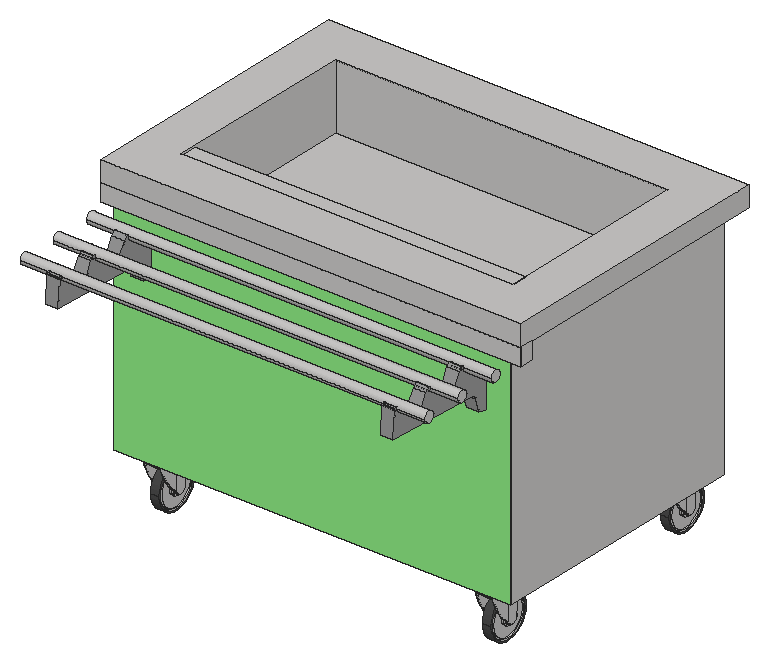
Revit family "QF_BOURGEAT_Self_Bain_marie_air_3GN", category Equipement spécialisé, Revit 2015
Parameters (values of type "3GN_baie_libre+roues+etageres")
  URL catalogue = "http://www.bourgeat.fr/fr/"
  URL = ""
  Type de Raccord Electrique = ""
  Type article = ""
  Tension = 230 V
  Spécification du Fabricant = "Bain-marie Oasis"
  Roues = yes
  Remarques Electricité = ""
  Puissance électrique  = 1700 W
  Profondeur hors tout = 820 mm
  Poids net à vide = 150.00 kg
  Pieds = no
  lgmeuble = Longueur hors tout - 68 mm  # 1141 mm
  lgconsole = Longueur hors tout - 44 mm  # 1165 mm
  lg_presentoir = lgmeuble - 44 mm  # 1097 mm
  lg_porte = (lg_etagere / 2) + 10 mm  # 378.5 mm
  lg_etagere = lgmeuble - 404 mm  # 737 mm
  Reserves = no
  Presentoir = no
  Phase = 2
  Nature isolant = "Laine de verre"
  Modèle = "851013+854950+854933"
  Longueur hors tout = 1209 mm
  Intensité nominale = 7.3913 A
  Indice de protection = "21"
  Hauteur hors tout = 900 mm
  Fréquence = 50 Hz
  Fabricant = "BOURGEAT"
  Etageres = yes
  Cuve à eau = no
  Cuve à air = yes
  Contact SAV = "0033 (0)4.76.32.14.44"
  Charge max = 200.00 kg
  Certification = "NF alimentaire"
Types (18, lengths in mm): name | Roues | Puissance électrique  | Poids net à vide | Pieds | Reserves | Presentoir | Modèle | Intensité nominale | Hauteur hors tout | Etageres
  3GN_baie_libre | no | 1700 W | 150.00 kg | yes | no | no | "851013" | 7.3913 A | 900 | no
  3GN_reserve | no | 2600 W | 150.00 kg | yes | yes | no | "851213" | 11.3043 A | 900 | no
  3GN_baie_libre+roues | yes | 1700 W | 150.00 kg | no | no | no | "851013+854950" | 7.3913 A | 900 | no
  3GN_baie_libre+presentoir_neutre | no | 1700 W | 150.00 kg | yes | no | yes | "851013+851313" | 7.3913 A | 1330 | no
  3GN_baie_libre+presentoir_chauffant | no | 2180 W | 165.00 kg | yes | no | yes | "851013+851303" | 9.47826 A | 1330 | no
  3GN_baie_libre+etageres | no | 1700 W | 150.00 kg | yes | no | no | "851013+854933" | 7.3913 A | 900 | yes
  3GN_baie_libre+roues+etageres | yes | 1700 W | 150.00 kg | no | no | no | "851013+854950+854933" | 7.3913 A | 900 | yes
  3GN_baie_libre+roues+presentoir_neutre | yes | 1700 W | 165.00 kg | no | no | yes | "851013+854950+851313" | 7.3913 A | 1330 | no
  3GN_baie_libre+roues+presentoir_chauffant | yes | 2180 W | 165.00 kg | no | no | yes | "851013+854950+851303" | 9.47826 A | 1330 | no
  3GN_baie_libre+etageres+presentoir_neutre | no | 1700 W | 170.00 kg | yes | no | yes | "851013+854933+851313" | 7.3913 A | 1330 | yes
  3GN_baie_libre+etageres+presentoir_chauffant | no | 2180 W | 170.00 kg | yes | no | yes | "851013+854933+851303" | 9.47826 A | 1330 | yes
  3GN_baie_libre+roues+presentoir_neutre+etageres | yes | 1700 W | 165.00 kg | no | no | yes | "851013+854950+851313+854933" | 7.3913 A | 1330 | yes
  3GN_baie_libre+roues+presentoir_chauffant_etageres | yes | 2180 W | 165.00 kg | no | no | yes | "851013+854950+851303+854933" | 9.47826 A | 1330 | yes
  3GN_reserve+roues | yes | 2600 W | 150.00 kg | no | yes | no | "851213+854950" | 11.3043 A | 900 | no
  3GN_reserve+presentoir_neutre | no | 2600 W | 165.00 kg | yes | yes | yes | "851213+851313" | 11.3043 A | 1330 | no
  3GN_reserve+presentoir_chauffant | no | 3080 W | 165.00 kg | yes | yes | yes | "851213+851303" | 13.3913 A | 1330 | no
  3GN_reserve+roues+presentoir_neutre | yes | 2600 W | 165.00 kg | no | yes | yes | "851213+854950+851313" | 11.3043 A | 1330 | no
  3GN_reserve+roues+presentoir_chauffant | yes | 3080 W | 165.00 kg | no | yes | yes | "851213+854950+851303" | 13.3913 A | 1330 | no
Reference planes
  plane 1 "Centre (avant/arrière)": y = 0
  plane 2: z = 0
  plane 3 "Centre (gauche/droite)": x = 0
  plane 4: z = 235
  plane 5: z = 465
  plane 6: y = 820
  plane 7: z = 284
  plane 8: z = 640
  plane 9: y = 598
  plane 10: x = -1071
  plane 11: z = 765
  plane 12: x = -1050
  plane 13: x = -100
Forms (mm)
  Extrusion 1, solid
    sketch origin (1010, 0, 0) x (1, 0, 0) y (0, 1, 0)
      loop
        circle (-2081, 598) r 10
    from 147.743 to 160
Dimensions and locks
  locked: nested 2 to plane 2 at 905
  locked: plane 4 to plane 2 at 235
  locked: plane 6 to nested 1 at 47
  locked: plane 7 to plane 2 at 284
  nested 1 to plane 2 = 160 mm
  locked: plane 8 to plane 2 at 640
  locked: nested 1 to plane 10 at 69
  locked: nested 1 to plane 9 at 175
  locked: nested 11 to plane 11 at 135
  locked: nested 1 to plane 12 at 90
  nested 1 to plane 13 = 101 mm
  locked: nested 13 to nested 22 at 15
  aligned and locked: level to plane 2
  aligned and locked: plane 4 to nested 8
  aligned and locked: nested 9 to plane 5
  aligned and locked: nested 7 to nested 8
  aligned and locked: nested 9 to nested 1  (x2)
  aligned and locked: nested 7 to nested 1
  aligned and locked: nested 8 to nested 1  (x2)
  aligned and locked: nested 11 to plane 6
  aligned and locked: nested 10 to plane 6
  aligned and locked: nested 10 to nested 1  (x2)
  aligned and locked: nested 11 to nested 10
  aligned and locked: plane 1 "Centre (avant/arrière)" to nested 11  (x2)
  aligned and locked: nested 1 to nested 2
  aligned and locked: nested 2 to nested 11
  aligned and locked: nested 11 to nested 1
  aligned and locked: nested 4 to nested 11
  aligned and locked: nested 12 to nested 1
  aligned and locked: nested 12 to nested 9
  aligned and locked: nested 12 to nested 13
  aligned and locked: plane 2 to nested 4
  aligned and locked: nested 5 to plane 2
  aligned and locked: nested 6 to plane 2
  aligned and locked: nested 11 to nested 5
  aligned and locked: nested 11 to nested 6
  aligned and locked: nested 11 to nested 2
  aligned and locked: nested 1 to nested 14  (x2)
  aligned and locked: nested 14 to nested 1
  aligned and locked: nested 11 to nested 15
  aligned and locked: nested 3 to nested 11
  aligned and locked: nested 16 to nested 14  (x2)
  aligned and locked: nested 1 to nested 16
  aligned and locked: nested 15 to plane 7
  aligned and locked: nested 3 to nested 17  (x2)
  aligned and locked: nested 4 to nested 18  (x2)
  aligned and locked: nested 6 to nested 19  (x2)
  aligned and locked: nested 5 to nested 20  (x2)
  aligned and locked: plane 8 to nested 7
  aligned and locked: plane 10 to Extrusion 1 sketch curve
  aligned and locked: plane 9 to Extrusion 1 sketch curve
  aligned and locked: Extrusion 1 to nested 1
  aligned and locked: nested 1 to nested 21
  aligned and locked: nested 1 to nested 22
  aligned and locked: plane 11 to nested 21
  aligned and locked: nested 21 to plane 12
  aligned and locked: nested 13 to nested 1
  aligned and locked: nested 22 to plane 11
  aligned and locked: nested 22 to plane 13
Nested families
  nested 1: "corps_meuble" at (1, 8, 160), type "corps_meuble"
  nested 2: "presentoir" at (-569.5, 410, 551.997) x (0, 1, 0) z (0, 0, 1), visible <- "Presentoir", type "presentoir"
    with lg_presentoir 1097 mm
  nested 3: "pied" at (-1047, 720, 0), visible <- "Pieds", type "pied"
  nested 4: "pied" at (-1047, 58.814, 0), visible <- "Pieds", type "pied"
  nested 5: "pied" at (-92, 700, 0), visible <- "Pieds", type "pied"
  nested 6: "pied" at (-92, 58.814, 0), visible <- "Pieds", type "pied"
  nested 7: "barre_et_console" at (-569.5, 8, 465) x (-1, 0, 0) z (0, 0, 1), type "barre_et_console"
  nested 8: "etagere" at (-569.5, 88, 197) x (-1, 0, 0) z (0, 0, 1), visible <- "Etageres", type "etagere"
    with lg_etagere 737 mm
  nested 9: "etagere" at (-569.5, 88, 427) x (-1, 0, 0) z (0, 0, 1), visible <- "Etageres", type "etagere"
    with lg_etagere 737 mm
  nested 10: "cuve" at (-569.5, 410, 708), visible <- "Cuve à air", type "cuve_air"
  nested 11: "cuve" at (-569.5, 410, 708), visible <- "Cuve à eau", type "cuve_eau"
  nested 12: "porte" at (-559.5, 735, 160), visible <- "Reserves", type "porte"
  nested 13: "porte" at (-201, 757, 160), visible <- "Reserves", type "porte"
  nested 14: "bandeau" at (-569.5, 773, 657), type "bandeau"
  nested 15: "IHM" at (-2627.78, 529.137, -323.91) x (-1, 0, 0) z (0, 0, 1), type "IHM"
  nested 16: "rail_porte" at (-569.5, 763, 567), visible <- "Reserves", type "rail_porte"
  nested 17: "roue_ht160" at (-1047, 720, 0), visible <- "Roues", type "roue_ht160"
    with Sans frein yes, Avec frein yes
  nested 18: "roue_ht160" at (-1047, 58.814, 0), visible <- "Roues", type "roue_ht160"
    with Sans frein yes, Avec frein no
  nested 19: "roue_ht160" at (-92, 58.814, 0), visible <- "Roues", type "roue_ht160"
    with Sans frein yes, Avec frein no
  nested 20: "roue_ht160" at (-92, 700, 0), visible <- "Roues", type "roue_ht160"
    with Sans frein yes, Avec frein yes
  nested 21: "Prise" at (-1007, 798, 722), type "Prise"
  nested 22: "Prise" at (-143, 798, 722), type "Prise"
Connectors
  electrical at (-1071, 598, 147.743), driven by "Tension"
    settings: on Extrusion 1, index 1, voltage 230 V, apparent load 0 VA, apparent load phase1 1700 VA, apparent load phase2 0 VA, apparent load phase3 0 VA, power factor 1, load classification "Autre", number of poles 1, system type 30, power factor state 1, is connector primary yes, connector utility no, sub classification motor no, connector description ""
Definition of nested family "corps_meuble"
  Parameters (values of type "corps_meuble")
    lg_meuble = 1141 mm
  Reference planes
    plane 1 "Centre (avant/arrière)": y = 0
    plane 2: z = 0
    plane 3 "Centre (gauche/droite)": x = 0
    plane 4: x = -480.227
    plane 5: z = 680
    plane 6: x = -570.5
    plane 7: x = -379.227
    plane 8: x = -1141
    plane 9: x = -1091
    plane 10: x = -202
    plane 11: x = -50
    plane 12: x = -939
    plane 13: y = -1
  Forms (mm)
    Extrusion 1, solid
      sketch origin (-379.227, -50.814, 0) x (1, 0, 0) y (0, 1, 0)
        loop
          line (-761.773, 815.814) -> (-761.773, 50.814) -> (379.227, 50.814) -> (379.227, 815.814) -> (177.227, 815.814) -> (177.227, 130.814) -> (-559.773, 130.814) -> (-559.773, 815.814) -> (-761.773, 815.814)
      from 0 to 680
    Extrusion 2, void
      sketch origin (-379.227, 0, 0) x (1, 0, 0) y (0, 1, 0)
        loop
          line (-711.773, 699.99) -> (-711.773, 119.99) -> (329.227, 119.99) -> (329.227, 699.99) -> (-711.773, 699.99)
      from 541.178 to 680
    Extrusion 3, solid
      sketch origin (0, 0, 0) x (1, 0, 0) y (0, 0, 1)
        loop
          line (-1141, 680) -> (-1141, 0) -> (0, 0) -> (0, 680) -> (-1141, 680)
      from 0 to 1
  Cuts and joins
    Extrusion 2 cuts Extrusion 1
  Dimensions and locks
    locked: plane 5 to plane 2 at 680
    locked: plane 8 to plane 9 at 50
    locked: plane 10 to plane 3 "Centre (gauche/droite)" at 202
    locked: plane 11 to plane 3 "Centre (gauche/droite)" at 50
    equal spacing: plane 8, plane 6, plane 3 "Centre (gauche/droite)"
    "lg_meuble": plane 8 to plane 3 "Centre (gauche/droite)"
    locked: plane 8 to plane 12 at 202
    aligned and locked: level to plane 2
    aligned and locked: plane 5 to Extrusion 1
    aligned and locked: cut or joined group of Extrusion 1, Extrusion 2 to plane 8
    aligned and locked: Extrusion 2 to plane 9
    aligned and locked: Extrusion 1 to plane 10
    aligned and locked: plane 11 to cut or joined group of Extrusion 1, Extrusion 2
    aligned and locked: plane 12 to cut or joined group of Extrusion 1, Extrusion 2
    aligned and locked: Extrusion 3 sketch curve to cut or joined group of Extrusion 1, Extrusion 2  (x4)
    aligned and locked: Extrusion 3 to plane 13
  Automatic sketch dimensions
    Extrusion 1 sketch curve to plane 8 = 0 mm
    Extrusion 1 sketch curve to plane 10 = 0 mm
    plane 1 "Centre (avant/arrière)" to Extrusion 1 sketch curve = 0 mm
    Extrusion 1 sketch curve to plane 3 "Centre (gauche/droite)" = 0 mm
    Extrusion 1 sketch curve to plane 1 "Centre (avant/arrière)" = 80 mm
    Extrusion 1 sketch curve to plane 6 = 368.5 mm
    Extrusion 1 sketch curve to Extrusion 1 sketch curve = 685 mm
    Extrusion 1 sketch curve to Extrusion 1 sketch curve = 765 mm
    Extrusion 2 sketch curve to plane 9 = 0 mm
    Extrusion 2 sketch curve to plane 11 = 0 mm
    Extrusion 2 sketch curve to plane 1 "Centre (avant/arrière)" = 119.99 mm
    Extrusion 2 sketch curve to Extrusion 2 sketch curve = 580 mm
Definition of nested family "presentoir"
  Parameters (values of type "presentoir")
    lg_presentoir = 2072 mm
  Reference planes
    plane 1 "Centre (avant/arrière)": y = 0
    plane 2: z = 0
    plane 3 "Centre (gauche/droite)": x = 0
    plane 4: x = 0
    plane 5: y = 0
    plane 6: z = 348.003
    plane 7: z = 775.003
    plane 8: z = 353.003
    plane 9: z = 770.54
    plane 10: z = 727.003
    plane 11: y = 1036
    plane 12: y = -1036
    plane 13: y = 1036
    plane 14: y = -1036
  Forms (mm)
    Extrusion 1, solid
      sketch origin (0, 0, 0) x (1, 0, 0) y (0, 0, 1)
        loop
          line (-240.07, 650.474) -> (-234.874, 647.474) -> (-219.875, 673.453)
          arc (-219.875, 673.453) -> (-158.748, 734.58) -> (-75.248, 756.953) r 167
          line (-75.248, 756.953) -> (179.75, 756.953) -> (179.75, 762.953) -> (-75.248, 762.953)
          arc (-75.248, 762.953) -> (-161.33, 740.45) -> (-224.372, 677.664) r 170.59
          line (-224.372, 677.664) -> (-240.07, 650.474)
      from -991 to 991
    Extrusion 2, solid
      sketch origin (0, 0, 0) x (1, 0, 0) y (0, 1, 0)
        loop
          line (-25, 1036) -> (-30.461, 991) -> (30.461, 991) -> (25, 1036)
          arc (25, 1036) -> (0, 1011) -> (-25, 1036) r 25
        loop
          arc (-25, -1036) -> (0, -1011) -> (25, -1036) r 25
          line (25, -1036) -> (30.461, -991) -> (-30.461, -991) -> (-25, -1036)
      from 727.003 to 770.54
    Extrusion 3, solid
      sketch origin (0, 91, 0) x (1, 0, 0) y (0, 1, 0)
        loop
          circle (0, 945) r 21.2
        loop
          circle (0, -1127) r 21.2
      from 353.003 to 775.003
    Revolve 4, solid
      sketch origin (0, 0, 0) x (0, 1, 0) y (0, 0, 1)
        loop
          line (-1036, 353.003) -> (-1057.2, 353.003) -> (-1061, 349.203) -> (-1061, 348.003) -> (-1036, 348.003) -> (-1036, 353.003)
        axis (-1036, 353.003) -> (-1036, 348.003)
      angle from 0 to 360
    Revolve 5, solid
      sketch origin (0, 0, 0) x (0, -1, 0) y (0, 0, 1)
        loop
          line (-1036, 353.003) -> (-1057.2, 353.003) -> (-1061, 349.203) -> (-1061, 348.003) -> (-1036, 348.003) -> (-1036, 353.003)
        axis (-1036, 353.003) -> (-1036, 348.003)
      angle from 0 to 360
  Dimensions and locks
    equal spacing: plane 11, plane 1 "Centre (avant/arrière)", plane 12
    "lg_presentoir": plane 11 to plane 12
    locked: Extrusion 2 sketch curve to plane 14 at 45
    locked: plane 13 to Extrusion 2 sketch curve at 45
    aligned and locked: level to plane 2
    aligned and locked: plane 3 "Centre (gauche/droite)" to plane 4
    aligned and locked: Extrusion 3 to plane 7
    aligned and locked: Extrusion 3 to plane 8
    aligned and locked: Extrusion 2 to plane 9
    aligned and locked: Extrusion 2 to plane 10
    aligned and locked: plane 1 "Centre (avant/arrière)" to plane 5
    aligned and locked: plane 11 to Extrusion 3
    aligned and locked: plane 12 to Extrusion 3
    aligned and locked: plane 13 to plane 11
    aligned and locked: plane 14 to plane 12
    aligned and locked: Extrusion 1 to Extrusion 2  (x2)
  Automatic sketch dimensions
    Extrusion 1 sketch curve to plane 3 "Centre (gauche/droite)" = 240.07 mm
    plane 10 to Extrusion 1 sketch curve = 79.529 mm
    Extrusion 1 sketch curve to Extrusion 1 sketch curve = 5.196 mm
    plane 10 to Extrusion 1 sketch curve = 49.34 mm
    Extrusion 1 sketch curve to Extrusion 1 sketch curve = 15.698 mm
    plane 10 to Extrusion 1 sketch curve = 53.55 mm
    Extrusion 1 sketch curve to plane 3 "Centre (gauche/droite)" = 76.636 mm
    Extrusion 1 sketch curve to Extrusion 1 sketch curve = 1.388 mm
    Extrusion 1 sketch curve to Extrusion 1 sketch curve = 0 mm
    plane 9 to Extrusion 1 sketch curve = 13.587 mm
    plane 3 "Centre (gauche/droite)" to Extrusion 1 sketch curve = 179.75 mm
    Extrusion 1 sketch curve to Extrusion 1 sketch curve = 2.415 mm
    Extrusion 2 sketch curve to plane 14 = 0 mm
    plane 11 to Extrusion 2 sketch curve = 0 mm
    Extrusion 2 sketch curve to plane 3 "Centre (gauche/droite)" = 0 mm  (x2)
    Extrusion 2 sketch curve to Extrusion 2 sketch curve = 25 mm  (x2)
    Extrusion 2 sketch curve to plane 3 "Centre (gauche/droite)" = 30.461 mm  (x2)
    plane 3 "Centre (gauche/droite)" to Extrusion 2 sketch curve = 30.461 mm  (x2)
    Extrusion 3 sketch curve to plane 3 "Centre (gauche/droite)" = 0 mm  (x2)
    Extrusion 3 sketch curve to plane 12 = 0 mm
    plane 11 to Extrusion 3 sketch curve = 0 mm
    Revolve 4 sketch curve to plane 6 = 0 mm
    Revolve 4 sketch curve to plane 8 = 0 mm
    Revolve 4 sketch curve to plane 12 = 0 mm  (x2)
    Revolve 4 sketch curve to Revolve 4 sketch curve = 21.2 mm
    Revolve 4 sketch curve to Revolve 4 sketch curve = 3.8 mm
    Revolve 4 sketch curve to Revolve 4 sketch curve = 1.2 mm
    Revolve 4 sketch curve to plane 6 = 14.256 mm
    plane 8 to Revolve 4 sketch curve = 30.744 mm
    Revolve 5 sketch curve to plane 6 = 0 mm
    plane 8 to Revolve 5 sketch curve = 0 mm
    Revolve 5 sketch curve to plane 11 = 0 mm  (x2)
    Revolve 5 sketch curve to plane 11 = 21.2 mm
    Revolve 5 sketch curve to Revolve 5 sketch curve = 3.8 mm
    Revolve 5 sketch curve to Revolve 5 sketch curve = 1.2 mm
    plane 6 to Revolve 5 sketch curve = 14.256 mm
    Revolve 5 sketch curve to Revolve 5 sketch curve = 30.744 mm
    radius of Extrusion 3 sketch curve = 21.2 mm  (x2)
Definition of nested family "pied"
  Reference planes
    plane 1 "Centre (avant/arrière)": y = 0
    plane 2: z = 0
    plane 3 "Centre (gauche/droite)": x = 0
  Forms (mm)
    Revolve 1, solid
      sketch origin (0, 0, 0) x (1, 0, 0) y (0, 0, 1)
        loop
          line (0, 160) -> (-33, 160) -> (-33, 70) -> (-28, 70) -> (-28, 0) -> (0, 0) -> (0, 160)
        axis (0, 160) -> (0, 0)
      angle from 0 to 360
  Dimensions and locks
    plane 3 "Centre (gauche/droite)" to Revolve 1 sketch curve = 28 mm
    Revolve 1 sketch curve to plane 3 "Centre (gauche/droite)" = 33 mm
    Revolve 1 sketch curve to plane 2 = 70 mm
    Revolve 1 sketch curve to Revolve 1 sketch curve = 90 mm
    aligned and locked: level to plane 2
Definition of nested family "barre_et_console"
  Parameters (values of type "barre_et_console")
    lg_barre_console = 1165 mm
  Reference planes
    plane 1 "Centre (avant/arrière)": y = 0
    plane 2: z = 0
    plane 3 "Centre (gauche/droite)": x = 0
    plane 4: x = -582.5
    plane 5: x = 582.5
    plane 6: x = -482.5
    plane 7: x = 482.5
    plane 8: z = 320.378
    plane 9: z = 175
  Dimensions and locks
    locked: plane 4 to plane 6 at 100
    locked: plane 7 to plane 5 at 100
    equal spacing: plane 4, plane 3 "Centre (gauche/droite)", plane 5
    "lg_barre_console": plane 4 to plane 5
    aligned and locked: level to plane 2
    aligned and locked: nested 1 to plane 1 "Centre (avant/arrière)"
    aligned and locked: plane 6 to nested 1
    aligned and locked: plane 7 to nested 2
    aligned and locked: plane 5 to nested 3
    aligned and locked: nested 3 to plane 4
    aligned and locked: plane 8 to nested 3
    aligned and locked: plane 9 to nested 1
  Nested families
    nested 1: "console" at (-482.5, 0, 0) x (0, 1, 0) z (0, 0, 1), type "console"
    nested 2: "console" at (482.5, 0, 0) x (0, 1, 0) z (0, 0, 1), type "console"
    nested 3: "barre" at (582.5, 0, 19.415) x (0, 1, 0) z (0, 0, 1), type "barre"
  Definition of nested family "console"
    Reference planes
      plane 1 "Centre (avant/arrière)": y = 0
      plane 2: z = 0
      plane 3 "Centre (gauche/droite)": x = 0
      plane 4: y = 18
      plane 5: y = -18
      plane 6: y = 0
    Forms (mm)
      Extrusion 1, solid
        sketch origin (-12.245, 0, 175) x (1, 0, 0) y (0, 0, 1)
          loop
            line (12.245, 100) -> (12.245, 0) -> (39.579, 4.82) -> (50.894, 44.279)
            arc (50.894, 44.279) -> (55.986, 52.254) -> (64.592, 56.187) r 16.714
            line (64.592, 56.187) -> (348.499, 69.146) -> (343.309, 143.358)
            arc (343.309, 143.358) -> (342.973, 144.595) -> (342.189, 145.609) r 3.292
            line (342.189, 145.609) -> (337.923, 148.439)
            arc (337.923, 148.439) -> (337.371, 148.545) -> (336.906, 148.229) r 0.731
            arc (336.906, 148.229) -> (320.176, 130.386) -> (309.012, 152.149) r 14.958
            arc (309.012, 152.149) -> (308.597, 152.587) -> (308.001, 152.491) r 0.646
            line (308.001, 152.491) -> (297.265, 144.401) -> (278.874, 108.385)
            arc (278.874, 108.385) -> (262.102, 99.164) -> (245.329, 108.385) r 19.864
            line (245.329, 108.385) -> (229.634, 139.188) -> (217.945, 148.321)
            arc (217.945, 148.321) -> (217.306, 148.53) -> (216.976, 147.944) r 0.53
            arc (216.976, 147.944) -> (200.124, 130.629) -> (188.973, 152.064) r 14.905
            arc (188.973, 152.064) -> (188.691, 152.524) -> (188.154, 152.476) r 0.511
            line (188.154, 152.476) -> (177.098, 144.144) -> (158.855, 108.341)
            arc (158.855, 108.341) -> (142.039, 98.901) -> (125.223, 108.341) r 19.698
            line (125.223, 108.341) -> (109.334, 139.526) -> (97.932, 148.434)
            arc (97.932, 148.434) -> (97.187, 148.438) -> (96.994, 147.718) r 0.61
            arc (96.994, 147.718) -> (79.923, 130.663) -> (69.024, 152.192) r 14.902
            arc (69.024, 152.192) -> (68.66, 152.548) -> (68.158, 152.464) r 0.563
            line (68.158, 152.464) -> (57.103, 144.336) -> (39.164, 108.745)
            arc (39.164, 108.745) -> (33.443, 102.448) -> (25.295, 100) r 15.908
            line (25.295, 100) -> (12.245, 100)
        from -18 to 18
    Dimensions and locks
      plane 4 to plane 5 = 36 mm
      equal spacing: plane 4, plane 6, plane 5, locked at 18 each
      aligned and locked: level to plane 2
      aligned and locked: plane 4 to Extrusion 1
      aligned and locked: Extrusion 1 to plane 5
      aligned and locked: plane 6 to plane 1 "Centre (avant/arrière)"
      aligned and locked: Extrusion 1 to plane 3 "Centre (gauche/droite)"
    Automatic sketch dimensions
      Extrusion 1 sketch curve to Extrusion 1 sketch curve = 12.714 mm
      Extrusion 1 sketch curve to Extrusion 1 sketch curve = 13.05 mm
      Extrusion 1 sketch curve to Extrusion 1 sketch curve = 14.206 mm
      Extrusion 1 sketch curve to Extrusion 1 sketch curve = 27.334 mm
      Extrusion 1 sketch curve to Extrusion 1 sketch curve = 11.315 mm
      Extrusion 1 sketch curve to Extrusion 1 sketch curve = 17.938 mm
      Extrusion 1 sketch curve to Extrusion 1 sketch curve = 13.698 mm
      Extrusion 1 sketch curve to Extrusion 1 sketch curve = 16.057 mm
      Extrusion 1 sketch curve to Extrusion 1 sketch curve = 11.055 mm
      Extrusion 1 sketch curve to Extrusion 1 sketch curve = 0.333 mm
      Extrusion 1 sketch curve to Extrusion 1 sketch curve = 13.785 mm
      Extrusion 1 sketch curve to Extrusion 1 sketch curve = 15.28 mm
      Extrusion 1 sketch curve to Extrusion 1 sketch curve = 0.376 mm
      Extrusion 1 sketch curve to Extrusion 1 sketch curve = 11.401 mm
      Extrusion 1 sketch curve to Extrusion 1 sketch curve = 15.89 mm
      Extrusion 1 sketch curve to Extrusion 1 sketch curve = 16.816 mm  (x2)
      Extrusion 1 sketch curve to Extrusion 1 sketch curve = 18.243 mm
      Extrusion 1 sketch curve to Extrusion 1 sketch curve = 11.057 mm
      Extrusion 1 sketch curve to Extrusion 1 sketch curve = 0.308 mm
      Extrusion 1 sketch curve to Extrusion 1 sketch curve = 13.831 mm
      Extrusion 1 sketch curve to Extrusion 1 sketch curve = 15.204 mm
      Extrusion 1 sketch curve to Extrusion 1 sketch curve = 0.447 mm
      Extrusion 1 sketch curve to Extrusion 1 sketch curve = 11.69 mm
      Extrusion 1 sketch curve to Extrusion 1 sketch curve = 15.695 mm
      Extrusion 1 sketch curve to Extrusion 1 sketch curve = 16.772 mm  (x2)
      Extrusion 1 sketch curve to Extrusion 1 sketch curve = 18.391 mm
      Extrusion 1 sketch curve to Extrusion 1 sketch curve = 10.737 mm
      Extrusion 1 sketch curve to Extrusion 1 sketch curve = 0.389 mm
      Extrusion 1 sketch curve to Extrusion 1 sketch curve = 13.868 mm
      Extrusion 1 sketch curve to Extrusion 1 sketch curve = 15.261 mm
      Extrusion 1 sketch curve to Extrusion 1 sketch curve = 0.404 mm
      Extrusion 1 sketch curve to Extrusion 1 sketch curve = 2.506 mm
      Extrusion 1 sketch curve to Extrusion 1 sketch curve = 2.164 mm
      Extrusion 1 sketch curve to Extrusion 1 sketch curve = 1.12 mm
      Extrusion 1 sketch curve to Extrusion 1 sketch curve = 5.189 mm
      Extrusion 1 sketch curve to Extrusion 1 sketch curve = 4.639 mm
      Extrusion 1 sketch curve to Extrusion 1 sketch curve = 55.721 mm
      Extrusion 1 sketch curve to Extrusion 1 sketch curve = 8.745 mm
      Extrusion 1 sketch curve to Extrusion 1 sketch curve = 10.259 mm
      Extrusion 1 sketch curve to Extrusion 1 sketch curve = 10.642 mm
      Extrusion 1 sketch curve to Extrusion 1 sketch curve = 9.133 mm
      Extrusion 1 sketch curve to Extrusion 1 sketch curve = 31.185 mm
      Extrusion 1 sketch curve to Extrusion 1 sketch curve = 35.803 mm
      Extrusion 1 sketch curve to Extrusion 1 sketch curve = 35.592 mm
      Extrusion 1 sketch curve to Extrusion 1 sketch curve = 3.24 mm
      Extrusion 1 sketch curve to Extrusion 1 sketch curve = 2.946 mm
      Extrusion 1 sketch curve to Extrusion 1 sketch curve = 1.042 mm
      Extrusion 1 sketch curve to Extrusion 1 sketch curve = 0.609 mm
      Extrusion 1 sketch curve to Extrusion 1 sketch curve = 8.427 mm
      Extrusion 1 sketch curve to Extrusion 1 sketch curve = 0.286 mm
      Extrusion 1 sketch curve to Extrusion 1 sketch curve = 0.481 mm
      Extrusion 1 sketch curve to Extrusion 1 sketch curve = 0.516 mm
      Extrusion 1 sketch curve to Extrusion 1 sketch curve = 7.674 mm
      Extrusion 1 sketch curve to Extrusion 1 sketch curve = 7.924 mm
      Extrusion 1 sketch curve to Extrusion 1 sketch curve = 0.453 mm
      Extrusion 1 sketch curve to Extrusion 1 sketch curve = 0.408 mm
      Extrusion 1 sketch curve to Extrusion 1 sketch curve = 0.533 mm
      Extrusion 1 sketch curve to Extrusion 1 sketch curve = 0.511 mm
      Extrusion 1 sketch curve to Extrusion 1 sketch curve = 0.622 mm
      Extrusion 1 sketch curve to Extrusion 1 sketch curve = 4.82 mm
      Extrusion 1 sketch curve to Extrusion 1 sketch curve = 34.82 mm
      Extrusion 1 sketch curve to Extrusion 1 sketch curve = 76.232 mm
      Extrusion 1 sketch curve to Extrusion 1 sketch curve = 37.038 mm
      Extrusion 1 sketch curve to Extrusion 1 sketch curve = 39.239 mm
      Extrusion 1 sketch curve to Extrusion 1 sketch curve = 30.803 mm
      Extrusion 1 sketch curve to Extrusion 1 sketch curve = 34.743 mm
      Extrusion 1 sketch curve to Extrusion 1 sketch curve = 0.23 mm
      Extrusion 1 sketch curve to Extrusion 1 sketch curve = 36.015 mm
      Extrusion 1 sketch curve to Extrusion 1 sketch curve = 2.071 mm
      Extrusion 1 sketch curve to Extrusion 1 sketch curve = 7.575 mm
      Extrusion 1 sketch curve to plane 3 "Centre (gauche/droite)" = 0 mm
      level to Extrusion 1 sketch curve = 175 mm
  Definition of nested family "barre"
    Parameters (values of type "barre")
      lg_barre = 1165 mm
    Reference planes
      plane 1 "Centre (avant/arrière)": y = 0
      plane 2: z = 0
      plane 3 "Centre (gauche/droite)": x = 0
      plane 4: x = 70
      plane 5: x = 190
      plane 6: x = 309
      plane 7: z = 300.963
      plane 8: z = 94.658
      plane 9: y = 0
      plane 10: y = 1165
    Forms (mm)
      Extrusion 1, solid
        sketch origin (0, 0, 0) x (1, 0, 0) y (0, 0, 1)
          loop
            circle (70, 300.963) r 15
          loop
            circle (190, 300.963) r 15
          loop
            circle (309, 300.963) r 15
        from 0 to -1165
    Dimensions and locks
      plane 4 to plane 3 "Centre (gauche/droite)" = 70 mm
      plane 6 to plane 5 to plane 4 = 119 mm, 120 mm
      "lg_barre": plane 10 to plane 1 "Centre (avant/arrière)"
      aligned and locked: level to plane 2
      aligned and locked: Extrusion 1 to plane 9
      aligned and locked: plane 9 to plane 1 "Centre (avant/arrière)"
      aligned and locked: plane 10 to Extrusion 1
    Automatic sketch dimensions
      Extrusion 1 sketch curve to plane 4 = 0 mm
      Extrusion 1 sketch curve to plane 5 = 0 mm
      Extrusion 1 sketch curve to plane 6 = 0 mm
      Extrusion 1 sketch curve to plane 7 = 0 mm  (x3)
      radius of Extrusion 1 sketch curve = 15 mm  (x3)
Definition of nested family "etagere"
  Parameters (values of type "etagere")
    lg_etagere = 1712 mm
  Reference planes
    plane 1 "Centre (avant/arrière)": y = 0
    plane 2: z = 0
    plane 3 "Centre (gauche/droite)": x = 0
    plane 4: y = -625
    plane 5: y = -623
    plane 6: y = -2
    plane 7: x = 0
  Forms (mm)
    Extrusion 1, solid
      sketch origin (0, 0, 0) x (0, 1, 0) y (0, 0, 1)
        loop
          line (0, 119.481) -> (-2, 119.481) -> (-2, 40) -> (-625, 40) -> (-625, 0) -> (-623, 0) -> (-623, 38) -> (0, 38) -> (0, 119.481)
      from -856 to 856
  Dimensions and locks
    locked: plane 6 to plane 1 "Centre (avant/arrière)" at 2
    locked: plane 4 to plane 5 at 2
    plane 4 to plane 1 "Centre (avant/arrière)" = 625 mm
    equal spacing: Extrusion 1, plane 7, Extrusion 1
    "lg_etagere": Extrusion 1 to Extrusion 1
    aligned and locked: level to plane 2
    aligned and locked: plane 2 to Extrusion 1 sketch curve
    aligned and locked: plane 1 "Centre (avant/arrière)" to Extrusion 1 sketch curve
    aligned and locked: plane 4 to Extrusion 1
    aligned and locked: plane 5 to Extrusion 1
    aligned and locked: Extrusion 1 to plane 6
    aligned and locked: plane 3 "Centre (gauche/droite)" to plane 7
  Automatic sketch dimensions
    Extrusion 1 sketch curve to plane 4 = 0 mm
    Extrusion 1 sketch curve to plane 5 = 0 mm
    Extrusion 1 sketch curve to plane 6 = 0 mm
    level to Extrusion 1 sketch curve = 38 mm
    Extrusion 1 sketch curve to Extrusion 1 sketch curve = 2 mm
    Extrusion 1 sketch curve to Extrusion 1 sketch curve = 79.481 mm
Definition of nested family "cuve"
  Parameters (values of type "cuve_eau")
    type_cuve = 178 mm
    lg_cuve = 1209 mm
    lg_bloc_ventillation = lg_cuve - 254 mm  # 955 mm
    bloc_ventillation = no
  Types (2, lengths in mm): name | type_cuve | bloc_ventillation
    cuve_air | 132 | yes
    cuve_eau | 178 | no
  Reference planes
    plane 1 "Centre (avant/arrière)": y = 0
    plane 2: z = 0
    plane 3 "Centre (gauche/droite)": x = 0
    plane 4: y = 410
    plane 5: y = -410
    plane 6: x = -604.5
    plane 7: x = 604.5
    plane 8: z = 192
    plane 9: y = 232
    plane 10: y = -278
    plane 11: x = 477.5
    plane 12: x = -477.5
    plane 13: z = 2
    plane 14: y = -280
    plane 15: x = -479.5
    plane 16: y = 234
    plane 17: x = 479.5
    plane 18: z = 132
    plane 19: y = -408
    plane 20: z = 82
  Forms (mm)
    Extrusion 1, solid
      sketch origin (12, -10, 0) x (1, 0, 0) y (0, 1, 0)
        loop
          line (-616.5, 420) -> (-616.5, -400) -> (592.5, -400) -> (592.5, 420) -> (-616.5, 420)
      from 0 to 192
    Extrusion 2, void
      sketch origin (0, 0, 0) x (1, 0, 0) y (0, 1, 0)
        loop
          line (-477.5, 232) -> (-477.5, -278) -> (477.5, -278) -> (477.5, 232) -> (-477.5, 232)
      from 2 to 250
    Extrusion 3, void
      sketch origin (0, 0, 0) x (1, 0, 0) y (0, 1, 0)
        loop
          line (-479.5, 234) -> (-479.5, -280) -> (479.5, -280) -> (479.5, 234) -> (-479.5, 234)
        loop
          line (-674.5, 480) -> (-674.5, -480) -> (674.5, -480) -> (674.5, 480) -> (-674.5, 480)
      from 0 to 132
    Extrusion 4, solid
      sketch origin (0, 0, 0) x (1, 0, 0) y (0, 1, 0)
        loop
          line (-604.5, -408) -> (-604.5, -410) -> (604.5, -410) -> (604.5, -408) -> (-604.5, -408)
      from 82 to 132
    Extrusion 5, solid
      sketch origin (0, 0, 0) x (0, 1, 0) y (0, 0, 1)
        loop
          line (-408, 82) -> (-370, 82) -> (-370, 132) -> (-408, 132) -> (-408, 82)
      from -604.5 to 604.5
  Cuts and joins
    Extrusion 2, Extrusion 3 cuts Extrusion 1
  Dimensions and locks
    equal spacing: plane 4, plane 1 "Centre (avant/arrière)", plane 5, locked at 410 each
    plane 4 to plane 5 = 820 mm
    equal spacing: plane 6, plane 3 "Centre (gauche/droite)", plane 7
    "lg_cuve": plane 6 to plane 7
    locked: plane 8 to plane 2 at 192
    locked: plane 13 to plane 2 at 2
    locked: plane 5 to plane 10 at 132
    "type_cuve": plane 4 to plane 9
    locked: plane 11 to plane 7 at 127
    locked: plane 6 to plane 12 at 127
    locked: plane 16 to plane 9 at 2
    locked: plane 15 to plane 12 at 2
    locked: plane 14 to plane 10 at 2
    locked: plane 11 to plane 17 at 2
    locked: Extrusion 3 sketch curve to plane 6 at 70
    locked: Extrusion 3 sketch curve to plane 5 at 70
    locked: plane 7 to Extrusion 3 sketch curve at 70
    locked: Extrusion 3 sketch curve to plane 4 at 70
    locked: plane 8 to plane 18 at 60
    locked: plane 5 to plane 19 at 2
    aligned and locked: plane 2 to level
    aligned and locked: plane 6 to Extrusion 1 sketch curve
    aligned and locked: Extrusion 1 sketch curve to plane 7
    aligned and locked: plane 8 to Extrusion 1
    aligned and locked: plane 4 to Extrusion 1
    aligned and locked: plane 5 to Extrusion 1
    aligned and locked: Extrusion 2 sketch curve to plane 9
    aligned and locked: Extrusion 2 sketch curve to plane 12
    aligned and locked: Extrusion 2 sketch curve to plane 10
    aligned and locked: Extrusion 2 sketch curve to plane 11
    aligned and locked: cut or joined group of Extrusion 1, Extrusion 2, Extrusion 3 to plane 13
    aligned and locked: Extrusion 3 sketch curve to plane 16
    aligned and locked: Extrusion 3 sketch curve to plane 15
    aligned and locked: Extrusion 3 sketch curve to plane 14
    aligned and locked: Extrusion 3 sketch curve to plane 17
    aligned and locked: cut or joined group of Extrusion 1, Extrusion 2, Extrusion 3 to plane 18
    aligned and locked: Extrusion 4 sketch curve to plane 19
    aligned and locked: plane 6 to Extrusion 4 sketch curve
    aligned and locked: Extrusion 4 sketch curve to cut or joined group of Extrusion 1, Extrusion 2, Extrusion 3  (x2)
    aligned and locked: Extrusion 4 to cut or joined group of Extrusion 1, Extrusion 2, Extrusion 3
    aligned and locked: Extrusion 4 to plane 20
    aligned and locked: plane 18 to Extrusion 5 sketch curve
    aligned and locked: Extrusion 5 sketch curve to plane 20
    aligned and locked: Extrusion 4 to Extrusion 5 sketch curve
    aligned and locked: cut or joined group of Extrusion 1, Extrusion 2, Extrusion 3 to Extrusion 5
    aligned and locked: Extrusion 5 to cut or joined group of Extrusion 1, Extrusion 2, Extrusion 3
    aligned and locked: plane 3 "Centre (gauche/droite)" to nested 1
    aligned and locked: nested 1 to cut or joined group of Extrusion 1, Extrusion 2, Extrusion 3
  Automatic sketch dimensions
    Extrusion 1 sketch curve to plane 5 = 0 mm
    plane 4 to Extrusion 1 sketch curve = 0 mm
    Extrusion 5 sketch curve to plane 5 = 2 mm
    Extrusion 5 sketch curve to Extrusion 5 sketch curve = 38 mm
  Nested families
    nested 1: "bloc_ventillation_cuve_air" at (0, -232, 0), visible <- "bloc_ventillation", type "bloc_ventillation_cuve_air"
  Definition of nested family "bloc_ventillation_cuve_air"
    Parameters (values of type "bloc_ventillation_cuve_air")
      lg_bloc_ventillation = 955 mm
    Reference planes
      plane 1 "Centre (avant/arrière)": y = 0
      plane 2: z = 0
      plane 3 "Centre (gauche/droite)": x = 0
      plane 4: y = -46
      plane 5: z = 190
    Forms (mm)
      Extrusion 1, solid
        sketch origin (0, 0, 0) x (1, 0, 0) y (0, 1, 0)
          loop
            line (-477.5, 0) -> (-477.5, -46) -> (477.5, -46) -> (477.5, 0) -> (-477.5, 0)
        from 0 to 190
    Dimensions and locks
      locked: plane 4 to plane 1 "Centre (avant/arrière)" at 46
      plane 5 to plane 2 = 190 mm
      "lg_bloc_ventillation": Extrusion 1 sketch curve to Extrusion 1 sketch curve
      equal spacing: Extrusion 1 sketch curve, plane 3 "Centre (gauche/droite)", Extrusion 1 sketch curve
      aligned and locked: level to plane 2
      aligned and locked: plane 5 to Extrusion 1
    Automatic sketch dimensions
      Extrusion 1 sketch curve to plane 4 = 0 mm
      plane 1 "Centre (avant/arrière)" to Extrusion 1 sketch curve = 0 mm
Definition of nested family "porte"
  Parameters (values of type "porte")
    lg_porte = 378.5 mm
  Reference planes
    plane 1 "Centre (avant/arrière)": y = 0
    plane 2: z = 0
    plane 3 "Centre (gauche/droite)": x = 0
    plane 4: x = -378.5
    plane 5: y = -22
    plane 6: z = 407
  Forms (mm)
    Extrusion 1, solid
      sketch origin (0, 0, 0) x (1, 0, 0) y (0, 0, 1)
        loop
          line (0, 0) -> (0, 407) -> (-378.5, 407) -> (-378.5, 0) -> (0, 0)
      from 0 to 22
  Dimensions and locks
    "lg_porte": plane 3 "Centre (gauche/droite)" to plane 4
    plane 5 to plane 1 "Centre (avant/arrière)" = 22 mm
    locked: plane 6 to plane 2 at 407
    aligned and locked: level to plane 2
    aligned and locked: Extrusion 1 sketch curve to plane 3 "Centre (gauche/droite)"
    aligned and locked: level to Extrusion 1 sketch curve
    aligned and locked: Extrusion 1 to plane 4
    aligned and locked: Extrusion 1 to plane 5
    aligned and locked: plane 6 to Extrusion 1
  Automatic sketch dimensions
    Extrusion 1 sketch curve to plane 4 = 0 mm
    level to Extrusion 1 sketch curve = 407 mm
Definition of nested family "bandeau"
  Parameters (values of type "bandeau")
    lg_bandeau = 737 mm
  Reference planes
    plane 1 "Centre (avant/arrière)": y = 0
    plane 2: z = 0
    plane 3 "Centre (gauche/droite)": x = 0
    plane 4: x = -368.5
    plane 5: x = 368.5
    plane 6: y = -10
    plane 7: z = 183
  Forms (mm)
    Extrusion 1, solid
      sketch origin (0, 0, 0) x (1, 0, 0) y (0, 1, 0)
        loop
          line (-368.5, 0) -> (-368.5, -10) -> (368.5, -10) -> (368.5, 0) -> (-368.5, 0)
      from 0 to 183
  Dimensions and locks
    equal spacing: plane 4, plane 3 "Centre (gauche/droite)", plane 5
    "lg_bandeau": plane 4 to plane 5
    plane 6 to plane 1 "Centre (avant/arrière)" = 10 mm
    locked: plane 7 to plane 2 at 183
    aligned and locked: level to plane 2
    aligned and locked: Extrusion 1 to plane 4
    aligned and locked: plane 5 to Extrusion 1
    aligned and locked: Extrusion 1 to plane 6
    aligned and locked: plane 7 to Extrusion 1
  Automatic sketch dimensions
    plane 1 "Centre (avant/arrière)" to Extrusion 1 sketch curve = 0 mm
    plane 4 to Extrusion 1 sketch curve = 0 mm
    Extrusion 1 sketch curve to plane 5 = 0 mm
    plane 1 "Centre (avant/arrière)" to Extrusion 1 sketch curve = 10 mm
Definition of nested family "IHM"
  Reference planes
    plane 1 "Centre (avant/arrière)": y = 0
    plane 2: z = 0
    plane 3 "Centre (gauche/droite)": x = 0
    plane 4: x = -1638.78
    plane 5: x = -1522.78
    plane 6: z = 959.91
    plane 7: z = 607.91
    plane 8: x = -1580.78
    plane 9: x = -1580.78
    plane 10: z = 778.91
    plane 11: z = 808.91
    plane 12: z = 835.91
    plane 13: z = 867.91
    plane 14: z = 894.91
    plane 15: z = 925.91
    plane 16: x = -1591.78
    plane 17: x = -1569.78
    plane 18: x = -1543.78
    plane 19: x = -1617.78
    plane 20: x = -1568.28
    plane 21: x = -1593.28
  Forms (mm)
    Extrusion 1, solid
      sketch origin (0, 0, 0) x (1, 0, 0) y (0, 0, 1)
        loop
          arc (-1628.78, 959.91) -> (-1635.851, 956.981) -> (-1638.78, 949.91) r 10
          line (-1638.78, 949.91) -> (-1638.78, 617.91)
          arc (-1638.78, 617.91) -> (-1635.851, 610.839) -> (-1628.78, 607.91) r 10
          line (-1628.78, 607.91) -> (-1532.78, 607.91)
          arc (-1532.78, 607.91) -> (-1525.709, 610.839) -> (-1522.78, 617.91) r 10
          line (-1522.78, 617.91) -> (-1522.78, 949.91)
          arc (-1522.78, 949.91) -> (-1525.709, 956.981) -> (-1532.78, 959.91) r 10
          line (-1532.78, 959.91) -> (-1628.78, 959.91)
      from 243.863 to 250
    Extrusion 2, solid
      sketch origin (0, 0, 0) x (1, 0, 0) y (0, 0, 1)
        loop
          line (-1593.28, 925.91) -> (-1593.28, 894.91) -> (-1568.28, 894.91) -> (-1568.28, 925.91) -> (-1593.28, 925.91)
        loop
          line (-1543.78, 835.91) -> (-1543.78, 867.91) -> (-1617.78, 867.91) -> (-1617.78, 835.91) -> (-1543.78, 835.91)
        loop
          line (-1591.78, 808.91) -> (-1591.78, 778.91) -> (-1569.78, 778.91) -> (-1569.78, 808.91) -> (-1591.78, 808.91)
      from 253.697 to 250
  Dimensions and locks
    plane 6 to plane 7 = 352 mm
    plane 5 to plane 4 = 116 mm
    aligned and locked: level to plane 2
    aligned and locked: plane 4 to Extrusion 1 sketch curve
    aligned and locked: plane 7 to Extrusion 1 sketch curve
    aligned and locked: Extrusion 1 sketch curve to plane 5
    aligned and locked: Extrusion 1 sketch curve to plane 6
Definition of nested family "rail_porte"
  Parameters (values of type "rail_porte")
    lg_rail = 737 mm
  Reference planes
    plane 1 "Centre (avant/arrière)": y = 0
    plane 2: z = 0
    plane 3 "Centre (gauche/droite)": x = 0
    plane 4: x = 368.5
    plane 5: x = -368.5
    plane 6: z = 90
  Forms (mm)
    Extrusion 1, solid
      sketch origin (0, -97.027, 0) x (1, 0, 0) y (0, 1, 0)
        loop
          line (-368.5, 107.027) -> (-368.5, 97.027) -> (368.5, 97.027) -> (368.5, 107.027) -> (-368.5, 107.027)
      from 0 to 90
  Dimensions and locks
    equal spacing: plane 5, plane 3 "Centre (gauche/droite)", plane 4
    "lg_rail": plane 5 to plane 4
    plane 6 to plane 2 = 90 mm
    plane 1 "Centre (avant/arrière)" to Extrusion 1 = 10 mm
    aligned and locked: level to plane 2
    aligned and locked: Extrusion 1 to plane 5
    aligned and locked: plane 4 to Extrusion 1
    aligned and locked: plane 6 to Extrusion 1
    aligned and locked: plane 1 "Centre (avant/arrière)" to Extrusion 1
  Automatic sketch dimensions
    plane 1 "Centre (avant/arrière)" to Extrusion 1 sketch curve = 0 mm
    Extrusion 1 sketch curve to plane 5 = 0 mm
    Extrusion 1 sketch curve to plane 4 = 0 mm
    Extrusion 1 sketch curve to plane 1 "Centre (avant/arrière)" = 10 mm
Definition of nested family "roue_ht160"
  Parameters (values of type "roue_ht160")
    Sans frein [instance] = yes
    Avec frein [instance] = yes
  Reference planes
    plane 1 "Centre (avant/arrière)": y = 0
    plane 2: z = 0
    plane 3 "Centre (gauche/droite)": x = 0
    plane 4: y = 40.851
    plane 5: z = 62.5
  Forms (mm)
    Extrusion 1, solid
      sketch origin (0, 0, 0) x (0, 1, 0) y (0, 0, 1)
        loop
          circle (40.851, 62.5) r 62.5
        loop
          circle (40.851, 62.5) r 57.5
      from -12.5 to 12.5
    Revolve 2, solid
      sketch origin (0, 0, 0) x (0, 1, 0) y (0, 0, 1)
        loop
          line (0, 160.21) -> (-20.149, 160.21) -> (-20.149, 159.41) -> (-21.6, 159.41)
          arc (-21.6, 159.41) -> (-24.448, 158.65) -> (-26.537, 156.572) r 5.712
          line (-26.537, 156.572) -> (-30.146, 147.743) -> (-26.999, 147.062) -> (-26.999, 146.112)
          arc (-26.999, 146.112) -> (-27.23, 145.314) -> (-27.849, 144.761) r 1.5
          arc (-27.849, 144.761) -> (-29.223, 143.633) -> (-29.923, 142) r 3.75
          line (-29.923, 142) -> (0, 142) -> (0, 160.21)
        axis (0, 160.21) -> (0, 142)
      angle from 0 to 360
    Extrusion 3, solid
      sketch origin (0, 0, 0) x (0, 1, 0) y (0, 0, -1)
        loop
          line (-29.974, -138.241) -> (-29.974, -142) -> (21.747, -142) -> (21.747, -60.336)
          arc (21.747, -60.336) -> (10.272, -70.702) -> (-0.149, -82.127) r 160.057
          arc (-0.149, -82.127) -> (-17.883, -108.684) -> (-29.974, -138.241) r 159.585
      from -24.913 to -23.038
    Extrusion 4, solid
      sketch origin (0, 0, 0) x (0, 1, 0) y (0, 0, 1)
        loop
          line (-29.974, 142) -> (-29.974, 140.869) -> (21.747, 140.869) -> (21.747, 142) -> (-29.974, 142)
      from -23.038 to 23.038
    Extrusion 5, solid
      sketch origin (0, 0, 0) x (0, 1, 0) y (0, 0, 1)
        loop
          circle (40.851, 62.5) r 57.5
        loop
          circle (40.851, 62.5) r 55
      from -12.5 to 12.5
    Extrusion 6, solid
      sketch origin (0, 0, 0) x (0, 1, 0) y (0, 0, 1)
        loop
          circle (40.851, 62.5) r 55
      from -7 to 7
    Extrusion 7, solid
      sketch origin (0, 0, 0) x (0, 1, 0) y (0, 0, 1)
        loop
          circle (40.851, 62.5) r 21
      from 7 to 15
    Extrusion 8, solid
      sketch origin (0, 0, 0) x (0, 1, 0) y (0, 0, -1)
        loop
          circle (40.851, -62.5) r 16
      from -23.038 to -15
    Extrusion 9, solid, visible <- "Sans frein"
      sketch origin (0, 0, 0) x (0, 1, 0) y (0, 0, 1)
        loop
          arc (21.747, 60.336) -> (23.188, 59.17) -> (24.642, 58.02) r 161.23
          arc (24.642, 58.02) -> (29.34, 54.513) -> (34.187, 51.216) r 133.333
          arc (34.187, 51.216) -> (46.517, 50.3) -> (53.927, 60.198) r 12.867
          arc (53.927, 60.198) -> (54.714, 99.183) -> (46.119, 137.216) r 161.222
          arc (46.119, 137.216) -> (45.679, 138.887) -> (45.531, 140.609) r 10.076
          line (45.531, 140.609) -> (45.531, 142) -> (21.747, 142) -> (21.747, 60.336)
      from 23.038 to 24.913
    Extrusion 10, solid, visible <- "Sans frein"
      sketch origin (0, 0, 0) x (0, 1, 0) y (0, 0, 1)
        loop
          line (21.747, 142) -> (21.747, 140.701) -> (48.851, 140.701) -> (48.851, 142) -> (21.747, 142)
      from -23.038 to 23.038
    Extrusion 11, solid, visible <- "Avec frein"
      sketch origin (0, 0, 0) x (0, 1, 0) y (0, 0, 1)
        loop
          line (21.747, 142) -> (21.747, 60.336)
          arc (21.747, 60.336) -> (23.177, 59.179) -> (24.62, 58.038) r 160.008
          arc (24.62, 58.038) -> (29.041, 54.705) -> (33.574, 51.527) r 160
          arc (33.574, 51.527) -> (46.135, 50.422) -> (53.724, 60.491) r 13
          arc (53.724, 60.491) -> (55.279, 82.092) -> (53.902, 103.704) r 160
          arc (53.902, 103.704) -> (55.53, 108.653) -> (60.415, 110.463) r 6
          arc (60.415, 110.463) -> (80.625, 109.924) -> (100.725, 112.107) r 150
          arc (100.725, 112.107) -> (104.408, 113.406) -> (107.479, 115.819) r 12
          line (107.479, 115.819) -> (110.851, 121.523)
          arc (110.851, 121.523) -> (85.913, 134.651) -> (58.706, 142) r 127.902
          line (58.706, 142) -> (21.747, 142)
      from 23.038 to 24.913
    Extrusion 12, solid, visible <- "Avec frein"
      sketch origin (0, 0, 0) x (0, 1, 0) y (0, 0, 1)
        loop
          line (58.706, 142) -> (21.747, 142) -> (21.747, 140) -> (58.552, 140)
          arc (58.552, 140) -> (85.253, 132.762) -> (109.73, 119.866) r 125.902
          line (109.73, 119.866) -> (110.851, 121.523)
          arc (110.851, 121.523) -> (85.913, 134.651) -> (58.706, 142) r 127.902
      from -23.038 to 23.038
    Extrusion 13, solid, visible <- "Avec frein"
      sketch origin (0, 19.896, 18.175) x (0, 1, 0) y (0, 0, 1)
        loop
          line (87.583, 97.644) -> (91.829, 95.227)
          arc (91.829, 95.227) -> (93.8, 95.006) -> (95.312, 96.29) r 2.5
          arc (95.312, 96.29) -> (103.495, 100.002) -> (111.176, 104.666) r 74.999
          line (111.176, 104.666) -> (110.852, 105.929)
          arc (110.852, 105.929) -> (110.04, 107.086) -> (108.666, 107.417) r 2
          arc (108.666, 107.417) -> (101.396, 105.849) -> (94.512, 103.034) r 42.354
          line (94.512, 103.034) -> (93.479, 101.228) -> (93.285, 100.414) -> (91.69, 101.675) -> (90.401, 102.412) -> (87.583, 97.644)
      from -23.038 to 23.038
    Extrusion 14, solid, not visible
      sketch origin (0, 0, 0) x (0, 1, 0) y (0, 0, -1)
        loop
          line (-29.974, -138.241) -> (-29.974, -142) -> (21.747, -142) -> (21.747, -60.336)
          arc (21.747, -60.336) -> (10.272, -70.702) -> (-0.149, -82.127) r 160.057
          arc (-0.149, -82.127) -> (-17.883, -108.684) -> (-29.974, -138.241) r 159.585
      from -24.913 to -23.038
    Extrusion 15, solid, not visible
      sketch origin (0, 0, 0) x (0, 1, 0) y (0, 0, 1)
        loop
          circle (40.851, 62.5) r 21
      from 7 to 15
    Extrusion 16, solid, not visible
      sketch origin (0, 0, 0) x (0, 1, 0) y (0, 0, -1)
        loop
          circle (40.851, -62.5) r 16
      from -23.038 to -15
    Extrusion 17, solid, visible <- "Sans frein", not visible
      sketch origin (0, 0, 0) x (0, 1, 0) y (0, 0, 1)
        loop
          arc (21.747, 60.336) -> (23.188, 59.17) -> (24.642, 58.02) r 161.23
          arc (24.642, 58.02) -> (29.34, 54.513) -> (34.187, 51.216) r 133.333
          arc (34.187, 51.216) -> (46.517, 50.3) -> (53.927, 60.198) r 12.867
          arc (53.927, 60.198) -> (54.714, 99.183) -> (46.119, 137.216) r 161.222
          arc (46.119, 137.216) -> (45.679, 138.887) -> (45.531, 140.609) r 10.076
          line (45.531, 140.609) -> (45.531, 142) -> (21.747, 142) -> (21.747, 60.336)
      from 23.038 to 24.913
    Extrusion 18, solid, visible <- "Avec frein", not visible
      sketch origin (0, 0, 0) x (0, 1, 0) y (0, 0, 1)
        loop
          line (21.747, 142) -> (21.747, 60.336)
          arc (21.747, 60.336) -> (23.177, 59.179) -> (24.62, 58.038) r 160.008
          arc (24.62, 58.038) -> (29.041, 54.705) -> (33.574, 51.527) r 160
          arc (33.574, 51.527) -> (46.135, 50.422) -> (53.724, 60.491) r 13
          arc (53.724, 60.491) -> (55.279, 82.092) -> (53.902, 103.704) r 160
          arc (53.902, 103.704) -> (55.53, 108.653) -> (60.415, 110.463) r 6
          arc (60.415, 110.463) -> (80.625, 109.924) -> (100.725, 112.107) r 150
          arc (100.725, 112.107) -> (104.408, 113.406) -> (107.479, 115.819) r 12
          line (107.479, 115.819) -> (110.851, 121.523)
          arc (110.851, 121.523) -> (85.913, 134.651) -> (58.706, 142) r 127.902
          line (58.706, 142) -> (21.747, 142)
      from 23.038 to 24.913
    Extrusion 19, solid
      sketch origin (0, 0, 0) x (0, -1, 0) y (0, 0, -1)
        loop
          arc (29.974, -138.241) -> (17.883, -108.684) -> (0.149, -82.127) r 159.585
          arc (0.149, -82.127) -> (-10.272, -70.702) -> (-21.747, -60.336) r 160.057
          line (-21.747, -60.336) -> (-21.747, -142) -> (29.974, -142) -> (29.974, -138.241)
      from -24.913 to -23.038
    Extrusion 20, solid
      sketch origin (0, 0, 0) x (0, -1, 0) y (0, 0, 1)
        loop
          circle (-40.851, 62.5) r 21
      from 7 to 15
    Extrusion 21, solid
      sketch origin (0, 0, 0) x (0, -1, 0) y (0, 0, -1)
        loop
          circle (-40.851, -62.5) r 16
      from -23.038 to -15
    Extrusion 22, solid, visible <- "Sans frein"
      sketch origin (0, 0, 0) x (0, -1, 0) y (0, 0, 1)
        loop
          line (-21.747, 60.336) -> (-21.747, 142) -> (-45.531, 142) -> (-45.531, 140.609)
          arc (-45.531, 140.609) -> (-45.679, 138.887) -> (-46.119, 137.216) r 10.076
          arc (-46.119, 137.216) -> (-54.714, 99.183) -> (-53.927, 60.198) r 161.222
          arc (-53.927, 60.198) -> (-46.517, 50.3) -> (-34.187, 51.216) r 12.867
          arc (-34.187, 51.216) -> (-29.34, 54.513) -> (-24.642, 58.02) r 133.333
          arc (-24.642, 58.02) -> (-23.188, 59.17) -> (-21.747, 60.336) r 161.23
      from 23.038 to 24.913
    Extrusion 23, solid, visible <- "Avec frein"
      sketch origin (0, 0, 0) x (0, -1, 0) y (0, 0, 1)
        loop
          line (-21.747, 142) -> (-58.706, 142)
          arc (-58.706, 142) -> (-85.913, 134.651) -> (-110.851, 121.523) r 127.902
          line (-110.851, 121.523) -> (-107.479, 115.819)
          arc (-107.479, 115.819) -> (-104.408, 113.406) -> (-100.725, 112.107) r 12
          arc (-100.725, 112.107) -> (-80.625, 109.924) -> (-60.415, 110.463) r 150
          arc (-60.415, 110.463) -> (-55.53, 108.653) -> (-53.902, 103.704) r 6
          arc (-53.902, 103.704) -> (-55.279, 82.092) -> (-53.724, 60.491) r 160
          arc (-53.724, 60.491) -> (-46.135, 50.422) -> (-33.574, 51.527) r 13
          arc (-33.574, 51.527) -> (-29.041, 54.705) -> (-24.62, 58.038) r 160
          arc (-24.62, 58.038) -> (-23.177, 59.179) -> (-21.747, 60.336) r 160.008
          line (-21.747, 60.336) -> (-21.747, 142)
      from 23.038 to 24.913
  Dimensions and locks
    aligned and locked: level to plane 2
Definition of nested family "Prise"
  Reference planes
    plane 1 "Centre (avant/arrière)": y = 0
    plane 2: z = 0
    plane 3 "Centre (gauche/droite)": x = 0
    plane 4: x = 43
    plane 5: x = -43
    plane 6: z = 43
    plane 7: z = -43
    plane 8: y = -25
  Forms (mm)
    Extrusion 1, solid
      sketch origin (0, 0, 0) x (1, 0, 0) y (0, 0, 1)
        loop
          line (-43, 43) -> (-43, -43) -> (43, -43) -> (43, 43) -> (-43, 43)
      from 0 to 25
  Dimensions and locks
    locked: plane 8 to plane 1 "Centre (avant/arrière)" at 25
    aligned and locked: level to plane 2
    aligned and locked: Extrusion 1 sketch curve to plane 6
    aligned and locked: Extrusion 1 sketch curve to plane 5
    aligned and locked: Extrusion 1 sketch curve to plane 7
    aligned and locked: Extrusion 1 sketch curve to plane 4
    aligned and locked: Extrusion 1 to plane 8
